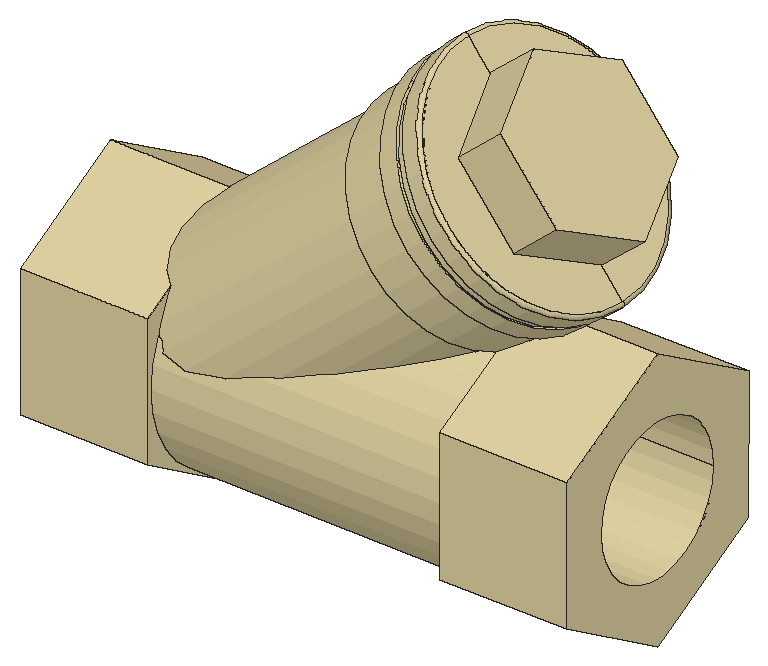
Revit family "DA02500000", category Apparecchi idraulici, Revit 2020
Family settings
  Quota connettore circolare = Usa diametro
  Tipo di parte = Normale
  Numero OmniClass = 23.45.00.00
  Titolo OmniClass = Sanitary, Laundry, and Cleaning Equipment
  Basato su piano di lavoro = No
  Sempre verticale = Sì
  Taglio con vuoti quando caricato = No
  Condiviso = No
  Punto di calcolo locali = No
Parameters
  URL = "https://web.cimberio.it/index.php/figura/669?subcategoria_id=32"
  Temperatura di esercizio = "-10 ÷ 180°C"
  Prospetto di default = 0 mm
  Produttore = "CIMBERIO SPA"
  Pressione nominale = "PN 20"
  Modello = "Cim 74ACR"
  Materiale = "Prodotto in lega di ottone “CR” – “DZR\" conforme alla norma EN 1982-CC770S"
  Descrizione = "Utilizzato per la filtrazione degli impianti di riscaldamento, idrici, igienico-sanitari, aria compressa, olii, benzine, vapore saturo e in generale con ogni fluido non corrosivo"
  DN Model [instance] = DA02501020 : DA02501020
  DN [instance] = 20 mm
  Commenti sul tipo = "Realizzato in ottemperanza ai requisiti gestionali della norma EN ISO 9001.\r\nCollaudato al 100% secondo la normativa EN 12266-1\r\nCollaudato al 100% secondo la normativa EN 12266-1"
Reference planes
  plane 1 "Centro (Fronte/Retro)": y = 0
  plane 2: z = 0
  plane 3 "Centro (Sinistra/Destra)": x = 0
Dimensions and locks
  aligned and locked: level to plane 2
Nested families
  nested 1: "DA02501020" at (0, 0, 0), type <- "DN Model", type "DA02501020"
  nested 2: "DA02501020" at (0, 0, 0), type <- "DN Model", type "DA02501020"
  nested 3: "DA02501020" at (0, 0, 0), type <- "DN Model", type "DA02501020"
  nested 4: "DA02501020" at (0, 0, 0), type <- "DN Model", type "DA02501020"
  nested 5: "DA02501020" at (0, 0, 0), type <- "DN Model", type "DA02501020"
  nested 6: "DA02501020" at (0, 0, 0), type <- "DN Model", type "DA02501020"
Connectors
  piping at (38.5, 0, 0), diameter 20, driven by "DN"
    settings: on nested 1, index 1, connector inside diameter 609.6 mm, connector length 0 mm, flow factor 0, pipe flow 0.0 L/s, pressure drop 0.0 Pa, fitting loss kfactor 0, connector angle 0.00°, fixture units 0, engagement length 0 mm, angle of deflection 0.00°, flow configuration 0, flow direction 0, fitting loss method 0, system type 7, joint type 0, gender type 0, connector reference index -1, connector utility 0, adjustable connector no, is connector primary yes, connector description ""
  piping at (-38.5, 0, 0), diameter 20, driven by "DN"
    settings: on nested 1, index 2, connector inside diameter 609.6 mm, connector length 0 mm, flow factor 0, pipe flow 0.0 L/s, pressure drop 0.0 Pa, fitting loss kfactor 0, connector angle 0.00°, fixture units 0, engagement length 0 mm, angle of deflection 0.00°, flow configuration 0, flow direction 0, fitting loss method 0, system type 7, joint type 0, gender type 0, connector reference index -1, connector utility 0, adjustable connector no, is connector primary no, connector description ""
Definition of nested family "DA02501020"
  Parameters (values of type "DA02501020")
    Default Elevation = 0 mm
  Reference planes
    plane 1 "Centro (Fronte/Retro)": y = 0
    plane 2: z = 0
    plane 3 "Centro (Sinistra/Destra)": x = 0
    plane 4: through (16.068, -1524, 30.706) normal (0.6428, 0, -0.766)
  Forms (mm)
    Revolve 1, solid
      sketch origin (0, 0, 0) x (1, 0, 0) y (0, 0, 1)
        loop
          line (20.609, -15.5) -> (20.609, -10) -> (-20.591, -10) -> (-20.591, -15.5) -> (20.609, -15.5)
        axis (-20.591, 0) -> (20.609, 0)
      angle from 0 to 360
    Extrusion 2, solid
      sketch origin (0, 0, 0) x (0, 1, 0) y (0, 0, 1)
        loop
          circle (0, 0) r 10
        loop
          line (0, 18.5) -> (-16.021, 9.25) -> (-16.021, -9.25) -> (0, -18.5) -> (16.021, -9.25) -> (16.021, 9.25) -> (0, 18.5)
      from -38.5 to -20.59
    Extrusion 3, solid
      sketch origin (0, 0, 0) x (0, 1, 0) y (0, 0, -1)
        loop
          circle (0, 0) r 10
        loop
          line (0, -18.5) -> (16.021, -9.25) -> (16.021, 9.25) -> (0, 18.5) -> (-16.021, 9.25) -> (-16.021, -9.25) -> (0, -18.5)
      from -38.5 to -20.59
    Revolve 4, solid
      sketch origin (0, 0, 0) x (1, 0, 0) y (0, 0, 1)
        loop
          line (9.235, 47.795) -> (14.045, 42.062) -> (16.343, 43.99) -> (11.854, 49.34)
          arc (11.854, 49.34) -> (11.514, 49.517) -> (11.149, 49.401) r 0.5
          line (11.149, 49.401) -> (9.235, 47.795)
        axis (22.771, 36.33) -> (20.473, 34.402)
      angle from 0 to 360
    Revolve 5, solid
      sketch origin (0, 0, 0) x (1, 0, 0) y (0, 0, 1)
        loop
          line (9.556, 47.412) -> (8.407, 46.448) -> (12.896, 41.098) -> (14.045, 42.062) -> (9.556, 47.412)
        axis (20.473, 34.402) -> (19.324, 33.437)
      angle from 0 to 360
    Revolve 6, solid
      sketch origin (0, 0, 0) x (1, 0, 0) y (0, 0, 1)
        loop
          line (12.896, 41.098) -> (8.246, 46.639) -> (5.948, 44.711) -> (5.794, 42.95) -> (0.623, 38.611) -> (0.5, 37.202) -> (-28.872, 12.556) -> (-25.669, 8.738) -> (12.896, 41.098)
        axis (19.324, 33.437) -> (-19.241, 1.078)
      angle from 0 to 360
    Extrusion 7, solid
      sketch origin (22.771, 0, 36.33) x (0, 1, 0) y (-0.642787, 0, 0.766045)
        loop
          line (0, 12.25) -> (-10.609, 6.125) -> (-10.609, -6.125) -> (0, -12.25) -> (10.609, -6.125) -> (10.609, 6.125) -> (0, 12.25)
      from 0 to 8
  Lines and regions (mm)
    model lines
      curve 1: line (26.342, 0, 18.461) -> (5.794, 0, 42.95)
  Dimensions and locks
    aligned and locked: level to plane 2
